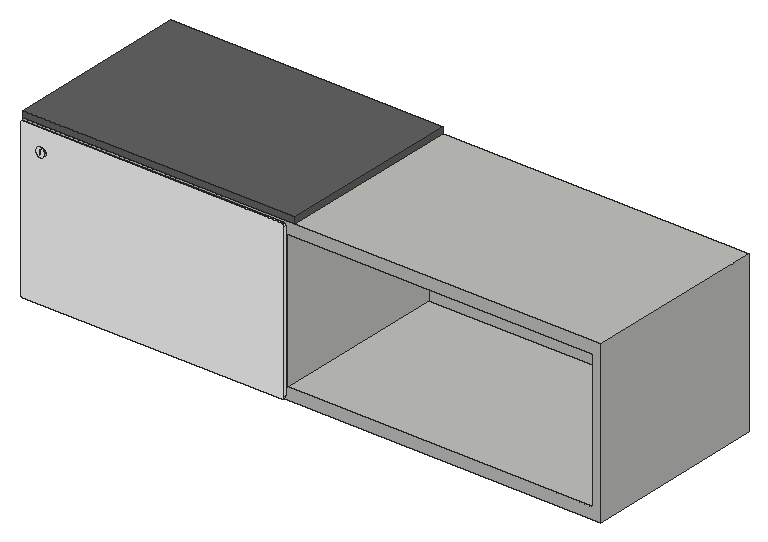
Revit family "Storage-Mounted-Teknion-JNBSO-Open_Credenza_with_Lateral_File-R2015", category Furniture, Revit 2015
Parameters (values of type "Metal")
  Width [instance] = 54.000"
  Warranty = "http://www.teknion.com/ca/papers/legal-canada"
  Unit Weight URL = "http://www.teknion.com/ca/tools/assets#&asset=bee6a381-b954-425e-8283-5a2de3a804f2,f828d448-4b62-4231-9e5f-9a8991c0ed77"
  URL = "www.teknion.com"
  Sustainability Data = "http://www.teknion.com/ca/tools/assets#&topic=216f99a5-57a0-44fc-b10a-9dee9b29ae4c&asset=444deb64-fe58-4b68-981e-f75e97781df7"
  Single-Sided Beam Configuration [instance] = not([Double-Sided Beam Configuration])  # no
  Series = "Expansion Cityline"  # constant formula
  Seat Finish [instance] = Fabric-Teknion-RB11-Carbon
  Product Page URL = "http://www.teknion.com/ca/products/product-details?productlineid=9ad2a26e-8e7a-673b-a6c8-ff05004460c4"
  Product Line = "Expansion Cityline"  # constant formula
  Product Documentation Link = "http://www.teknion.com/pricing/expansion-cityline/pdfs/JNBSO_ppg.pdf"
  Part Number = "JNBSO"  # constant formula
  Model = "JNBSOM"
  Manufacturer Phone = "416-661-3370"  # constant formula
  Manufacturer Fax = "416.661.4586"  # constant formula
  Manufacturer Contact Information = "http://www.teknion.com/ca/contactus"
  Manufacturer Address = "1150 Flint Road, Toronto, ON. M3J 2J5. Canada"  # constant formula
  Manufacturer = "Teknion"  # constant formula
  Has Solid Front Style = not(Has Metal Front Style)  # no
  Has None/Shared Leg [instance] = no
  Has No Shared Leg/Full Leg [instance] = no
  Has Metal Front Style = yes
  Has Left Felt Seat Pad [instance] = yes
  Has Full/Shared Legs [instance] = no
  Has Full Legs [instance] = yes
  Has Right Felt Seat Pad [instance] = no
  Front Finish = Mica - Teknion - V - Satin - Very White
  Double-Sided Beam Configuration [instance] = yes
  Description = "Semi-Suspended Credenza – Open with Lateral File"  # constant formula
  Depth of Cabinet Door = if(Has Metal Front Style, 0.118", if(Has Solid Front Style, 0.701", 0.118"))  # 0.118"
  Depth [instance] = 18.000"
  Front Storage Cabinet Length [instance] = if(Width = 54.000", 23.370", if(Width = 60.000", 29.370", if(Width > 65.000", 35.370", 23.370")))  # 23.370"
  Configuration Note [instance] = "Please select one of the following options below:"  # constant formula
  Case Finish [instance] = Source Laminate - Teknion - RV - Very White
  Available Widths [instance] = "54, 60, 66, 72, 78, 84 inches."  # constant formula
  Available Depths [instance] = "18, 24 inches."  # constant formula
  Assembly Code = "E2020200"
  Actual Width [instance] = if(Has Full Legs, Width - 3.000", if([Has Full/Shared Legs], Width - 2.250", if([Has No Shared Leg/Full Leg], Width - 1.500", if([Has None/Shared Leg], Width - 0.750", Width))))  # 51.000"
  Actual Depth [instance] = if([Double-Sided Beam Configuration], Depth - 1.693", Depth - 3.386")  # 16.307"
Types (2): name | Model | Has Solid Front Style | Has Metal Front Style | Front Finish | Depth of Cabinet Door
  Solid | "JNBSOS" | yes | no | Source Laminate - Teknion - RV - Very White | 0.701"
  Metal | "JNBSOM" | no | yes | Mica - Teknion - V - Satin - Very White | 0.118"
Reference planes (in)
  plane 1 "Center Front/Back": y = 0.00004
  plane 2: z = 0
  plane 3 "Center Left/Right": x = -0.75
  plane 4 "Left": x = -26.25
  plane 5 "Right": x = 24.75
  plane 6 "Back": y = 8.15354
  plane 7 "Front": y = -8.15346
  plane 8 "Top": z = 24.12496
  plane 9: z = 10
  plane 10: y = 7.41339
  plane 11: x = 24.04921
  plane 12: x = -2.88
  plane 13: z = 23.10921
  plane 14: y = -8.35031
  plane 15: y = -8.46831
  plane 16: y = -8.71831
  plane 17: z = 0.60236
  plane 18: y = 9.84644
  plane 19: x = -27.75
Forms (in)
  Extrusion 1, solid, material "Source Laminate - Teknion - RV - Very White" <- "Case Finish"
    sketch origin (0, 0, 0) x (1, 0, 0) y (0, 1, 0)
      loop
        line (-26.25, 8.15354) -> (-26.25, -8.15346) -> (24.75, -8.15346) -> (24.75, 8.15354) -> (-26.25, 8.15354)
    from 10 to 24.12496
  Extrusion 2, void
    sketch origin (0, 0.00004, 0) x (1, 0, 0) y (0, 0, 1)
      loop
        line (-2.88, 23.10921) -> (-2.88, 11.01575) -> (24.04921, 11.01575) -> (24.04921, 23.10921) -> (-2.88, 23.10921)
    from -7.41334 to 8.1535
  Extrusion 3, solid, material "Mica - Teknion - V - Satin - Very White" <- "Front Finish"
    sketch origin (0, 0.00004, 0) x (1, 0, 0) y (0, 0, 1)
      loop
        line (-26.25, 23.81591) -> (-26.25, 10.36811)
        arc (-26.25, 10.36811) -> (-26.17736, 10.19075) -> (-26, 10.11811) r 0.24803
        line (-26, 10.11811) -> (-3.18906, 10.11811)
        arc (-3.18906, 10.11811) -> (-3.01169, 10.19075) -> (-2.93905, 10.36811) r 0.24803
        line (-2.93905, 10.36811) -> (-2.93905, 23.81591)
        arc (-2.93905, 23.81591) -> (-3.01169, 23.99327) -> (-3.18906, 24.06591) r 0.24803
        line (-3.18906, 24.06591) -> (-26, 24.06591)
        arc (-26, 24.06591) -> (-26.17736, 23.99327) -> (-26.25, 23.81591) r 0.24803
    from 8.35035 to 8.46835
  Extrusion 4, void
    sketch origin (0, 0.00004, 0) x (1, 0, 0) y (0, 0, 1)
      loop
        circle (-24.41953, 22.17662) r 0.39415
    from 8.35035 to 8.71835
  Extrusion 5, solid, material "Mica - Teknion - V - Satin - Very White"
    sketch origin (0, 0.00004, 0) x (1, 0, 0) y (0, 0, 1)
      loop
        circle (-24.41953, 22.17662) r 0.39415
      loop
        line (-24.4685, 21.98913) -> (-24.37007, 21.98913) -> (-24.37007, 22.36315) -> (-24.4685, 22.36315) -> (-24.4685, 21.98913)
    from 8.35035 to 8.52741
  Extrusion 6, solid, material "Fabric-Teknion-RB11-Carbon" <- "Seat Finish", visible <- "Has Right Felt Seat Pad"
    sketch origin (0, 0, 0) x (1, 0, 0) y (0, 1, 0)
      loop
        line (-2.88, 8.15354) -> (-2.88, -8.15346) -> (24.75, -8.15346) -> (24.75, 8.15354) -> (-2.88, 8.15354)
    from 24.12496 to 24.67618
  Extrusion 7, solid, material "Fabric-Teknion-RB11-Carbon" <- "Seat Finish", visible <- "Has Left Felt Seat Pad"
    sketch origin (-1.5, 0, 0) x (-1, 0, 0) y (0, -1, 0)
      loop
        line (0.75, -8.15354) -> (24.75, -8.15354) -> (24.75, 8.15346) -> (0.75, 8.15346) -> (0.75, -8.15354)
    from 24.12496 to 24.67618
Cuts and joins
  Extrusion 2 cuts Extrusion 1
  Extrusion 4 cuts Extrusion 3
Lines and regions (in)
  Masking region 1
    outline origin (0, 0, 0) x (1, 0, 0) y (0, 1, 0)
      loop
        line (-26.25, 8.15354) -> (-26.25, -8.15346) -> (24.75, -8.15346) -> (24.75, 8.15354) -> (-26.25, 8.15354)
  Masking region 2
    outline origin (0, 0, 0) x (1, 0, 0) y (0, 1, 0)
      loop
        line (-2.93905, -8.46831) -> (-2.93905, -8.35031) -> (-26.25, -8.35031) -> (-26.25, -8.46831) -> (-2.93905, -8.46831)
  Masking region 3, visible <- "Has Right Felt Seat Pad"
    outline origin (0, 0, 0) x (1, 0, 0) y (0, 1, 0)
      loop
        line (-2.88, 8.15354) -> (-2.88, -8.15346) -> (24.75, -8.15346) -> (24.75, 8.15354) -> (-2.88, 8.15354)
  Masking region 4, visible <- "Has Left Felt Seat Pad"
    outline origin (-1.5, 0, 0) x (0, 1, 0) y (-1, 0, 0)
      loop
        line (8.15354, 0.75) -> (8.15354, 24.75) -> (-8.15346, 24.75) -> (-8.15346, 0.75) -> (8.15354, 0.75)
  symbolic lines, style "FurnitureHiddenLines", detail levels fine
    curve 1: line (-2.88, 7.41339, 0) -> (-2.88, -8.15346, 0)
    curve 2: line (24.04921, 7.41339, 0) -> (-2.88, 7.41339, 0)
    curve 3: line (24.04921, -8.15346, 0) -> (24.04921, 7.41339, 0)
Dimensions and locks (in)
  "Actual Width": plane 4 "Left" to plane 5 "Right"
  "Actual Depth": plane 6 "Back" to plane 7 "Front"
  locked: plane 8 "Top" to level at 24.12496
  locked: plane 8 "Top" to plane 9 at 14.12496
  locked: plane 8 "Top" to plane 13 at 1.01575
  locked: plane 14 to plane 7 "Front" at 0.19685
  locked: plane 15 to plane 16 at 0.25
  Extrusion 5 sketch curve to plane 4 "Left" = 1.83047"
  Extrusion 5 sketch curve to Extrusion 5 sketch curve to plane 4 "Left" = 0.09843" locked, 1.7815" locked
  plane 8 "Top" to Extrusion 5 sketch curve to Extrusion 5 sketch curve = 1.76181" locked, 0.37402" locked
  locked: Extrusion 5 to plane 15 at 0.05906
  locked: plane 17 to plane 2 at 0.60236
  equal spacing: plane 6 "Back", plane 1 "Center Front/Back", plane 7 "Front"
  equal spacing: plane 4 "Left", plane 3 "Center Left/Right", plane 5 "Right"
  locked: plane 11 to plane 5 "Right" at 0.70079
  "Depth of Cabinet Door": plane 14 to plane 15
  plane 12 to Extrusion 3 sketch curve to Extrusion 3 sketch curve to Extrusion 3 sketch curve = 0.05905" locked, 0.24803" locked, 0.000" locked
  locked: Extrusion 3 sketch curve to plane 4 "Left" at 0.24803  (x2)
  plane 8 "Top" to Extrusion 3 sketch curve to Extrusion 3 sketch curve = 0.05906" locked, 0.24803" locked
  Extrusion 3 sketch curve to Extrusion 3 sketch curve to plane 9 = 0.24803" locked, 0.11811" locked
  "Front Storage Cabinet Length": plane 4 "Left" to plane 12
  locked: Extrusion 6 to plane 8 "Top" at 0.55122
  locked: plane 12 to Extrusion 7 sketch curve at 0.63
  aligned and locked: level to plane 2
  aligned and locked: Extrusion 1 sketch curve to plane 6 "Back"
  aligned and locked: Extrusion 1 sketch curve to plane 4 "Left"
  aligned and locked: Extrusion 1 sketch curve to plane 7 "Front"
  aligned and locked: Extrusion 1 sketch curve to plane 5 "Right"
  aligned and locked: plane 9 to Extrusion 1
  aligned and locked: plane 8 "Top" to Extrusion 1
  aligned and locked: Extrusion 2 to plane 10
  aligned and locked: Extrusion 2 to plane 12
  aligned and locked: plane 7 "Front" to Extrusion 2
  aligned and locked: plane 11 to Extrusion 2
  aligned and locked: Extrusion 2 to plane 13
  aligned and locked: Extrusion 3 sketch curve to plane 4 "Left"
  aligned and locked: plane 14 to Extrusion 3
  aligned and locked: plane 15 to Extrusion 3
  aligned and locked: plane 14 to Extrusion 4
  aligned and locked: Extrusion 4 to plane 16
  aligned and locked: Extrusion 5 sketch curve to cut or joined group of Extrusion 3, Extrusion 4  (x2)
  aligned and locked: plane 14 to Extrusion 5
  aligned and locked: Masking region 1 sketch curve to plane 4 "Left"
  aligned and locked: Masking region 1 sketch curve to plane 6 "Back"
  aligned and locked: Masking region 1 sketch curve to plane 5 "Right"
  aligned and locked: Masking region 1 sketch curve to plane 7 "Front"
  aligned and locked: curve 1 to cut or joined group of Extrusion 1, Extrusion 2
  aligned and locked: curve 2 to cut or joined group of Extrusion 1, Extrusion 2
  aligned and locked: curve 3 to cut or joined group of Extrusion 1, Extrusion 2
  aligned and locked: Extrusion 6 sketch curve to plane 6 "Back"
  aligned and locked: plane 7 "Front" to Extrusion 6 sketch curve
  aligned and locked: Extrusion 6 to plane 8 "Top"
  aligned and locked: Extrusion 6 sketch curve to plane 12
  aligned and locked: Extrusion 6 sketch curve to plane 5 "Right"
  aligned and locked: plane 7 "Front" to Masking region 3 sketch curve
  aligned and locked: Masking region 3 sketch curve to Extrusion 6  (x2)
  aligned and locked: plane 6 "Back" to Masking region 3 sketch curve
  aligned and locked: Masking region 4 sketch curve to Extrusion 7  (x4)
  aligned and locked: plane 6 "Back" to Extrusion 7 sketch curve
  aligned and locked: Extrusion 7 sketch curve to plane 7 "Front"
  aligned and locked: Extrusion 7 sketch curve to plane 4 "Left"
Automatic sketch dimensions
  plane 7 "Front" to curve 1 = 0.000"
  plane 7 "Front" to curve 3 = 0.000"
  Extrusion 2 sketch curve to plane 12 = 0.000"
  Extrusion 2 sketch curve to plane 11 = 0.000"
  Extrusion 2 sketch curve to plane 13 = 0.000"
  Extrusion 2 sketch curve to plane 9 = 1.01575"
  Extrusion 3 sketch curve to Extrusion 3 sketch curve = 0.00198"  (x4)
  Extrusion 3 sketch curve to Extrusion 3 sketch curve = 0.24803"
  Extrusion 3 sketch curve to plane 8 "Top" = 0.30906"
  plane 4 "Left" to Extrusion 4 sketch curve = 1.83047"
  plane 13 to Extrusion 4 sketch curve = 0.9326"
  Masking region 2 sketch curve to plane 4 "Left" = 0.000"
  plane 15 to Masking region 2 sketch curve = 0.000"
  Masking region 2 sketch curve to plane 14 = 0.000"
  Masking region 2 sketch curve to plane 12 = 0.05905"
  radius of Extrusion 4 sketch curve = 0.39415"
